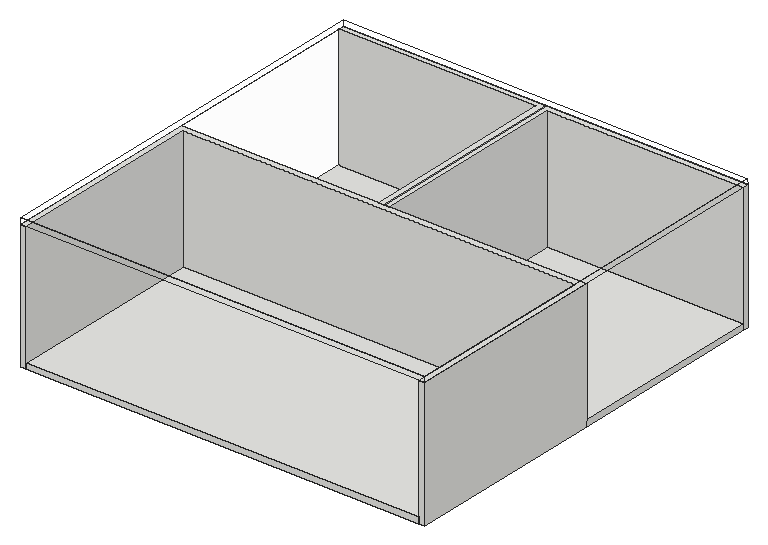
Revit family "Table-Coffee-Teknion-STLK_Masalla-R2013", category Furniture, Revit 2013
Parameters (values of type "3 Box Square")
  Width = 33.46457"
  Warranty = "http://www.teknionstudio.com/pdfs/Teknion%20Studio%20Warranty.pdf"
  Unit Weight = 0.00 lbf
  URL = "www.teknionstudio.com"
  Table Top Finish [instance] = Glass - Teknion - A5 - Standard - Clear
  Surface C Finish [instance] = Paint - Teknion - True White
  Surface B Finish [instance] = Paint - Teknion - True White
  Surface A Finish [instance] = Paint - Teknion - True White
  Series = "Studio"
  Product Line = "Masalla"
  Product Documentation Link = "http://www.teknionstudio.com/pricing/STLK_ppg.pdf"
  Part Number = "STLK"
  Model = "STLK"
  Manufacturer Phone = "919-464-2920"
  Manufacturer Fax = "919-464-2927"
  Manufacturer Email = "customersupport@teknionstudio.com"
  Manufacturer Address = "3941 US 70 Business HWY West, Clayton, NC 27520"
  Manufacturer = "Teknion Studio"
  Low Emitting Material = yes
  Low Emitting Finish = yes
  Height = 12.59843"
  Description = "Masalla Table, 3 Box Square"
  Depth = 33.46457"
  Assembly Code = "E2020200"
Reference planes (in)
  plane 1 "Center F/B": y = 0
  plane 2: z = 0
  plane 3 "Center L/R": x = 0
  plane 4 "Left": x = -16.73228
  plane 5 "Right": x = 16.73228
  plane 6 "Back": y = 16.73228
  plane 7 "Front": y = -16.73228
  plane 8 "Top": z = 12.59843
  plane 9: z = 1.5748
  plane 10: z = 12.12598
Forms (in)
  Sweep 1, solid, material "Paint - Teknion - Smoke"
    path origin (0, 0, 0) x (1, 0, 0) y (0, 0, 1)
      loop
        line (0, 0) -> (0, 1.5748)
    profile origin (0, 0, 0.7874) x (-1, 0, 0) y (0, -1, 0)
      loop
        line (14.37028, -14.37008) -> (14.37028, 14.37008) -> (-14.37028, 14.37008) -> (-14.37028, -14.37008) -> (14.37028, -14.37008)
      loop
        line (-13.89784, -13.89764) -> (13.89784, -13.89764) -> (13.89784, 13.89764) -> (-13.89784, 13.89764) -> (-13.89784, -13.89764)
  Sweep 2, solid, material "Paint - Teknion - Smoke"
    path origin (0, 0, 0) x (1, 0, 0) y (0, 0, 1)
      loop
        line (0, 1.5748) -> (0, 1.10236)
    profile origin (0, 0, 1.33858) x (0, -1, 0) y (1, 0, 0)
      loop
        line (-13.89764, -13.89728) -> (13.89764, -13.89728) -> (13.89764, 13.89728) -> (-13.89764, 13.89728) -> (-13.89764, -13.89728)
  Sweep 3, solid, material "Glass - Teknion - A5 - Standard - Clear" <- "Table Top Finish"
    path origin (0, 0, 0) x (1, 0, 0) y (0, 0, 1)
      loop
        line (0, 12.59843) -> (0, 12.12598)
    profile origin (0, 0, 12.3622) x (0, -1, 0) y (1, 0, 0)
      loop
        line (-16.73228, -16.73228) -> (16.73228, -16.73228) -> (16.73228, 16.73228) -> (-16.73228, 16.73228) -> (-16.73228, -16.73228)
  Sweep 4, solid, material "Paint - Teknion - True White" <- "Surface A Finish"
    path origin (0, 0, 0) x (1, 0, 0) y (0, 0, 1)
      loop
        line (0, 12.12598) -> (0, 1.5748)
    profile origin (0, 0, 6.85039) x (0, -1, 0) y (1, 0, 0)
      loop
        line (-16.26028, -16.73228) -> (-16.26028, -0.472) -> (0, -0.472) -> (0, 0) -> (-16.73228, 0) -> (-16.73228, -16.73228) -> (-16.26028, -16.73228)
  Sweep 5, solid, material "Paint - Teknion - True White" <- "Surface A Finish"
    path origin (0, 0, 0) x (-1, 0, 0) y (0, 0, 1)
      loop
        line (0, 1.5748) -> (0, 2.04724)
    profile origin (0, 0, 1.81102) x (-1, 0, 0) y (0, -1, 0)
      loop
        line (0.472, -16.26028) -> (16.73228, -16.26028) -> (16.73228, 0) -> (0.472, 0) -> (0.472, -16.26028)
  Sweep 6, solid, material "Paint - Teknion - True White" <- "Surface B Finish"
    path origin (0, 0, 0) x (1, 0, 0) y (0, 0, -1)
      loop
        line (0, -1.5748) -> (0, -2.04724)
    profile origin (0, 0, 1.81102) x (1, 0, 0) y (0, 1, 0)
      loop
        line (-16.25984, -16.73228) -> (16.25984, -16.73228) -> (16.25984, -0.472) -> (-16.25984, -0.472) -> (-16.25984, -16.73228)
  Sweep 7, solid, material "Paint - Teknion - True White" <- "Surface B Finish"
    path origin (0, 0, 0) x (1, 0, 0) y (0, 0, 1)
      loop
        line (0, 12.12598) -> (0, 1.5748)
    profile origin (0, 0, 6.85039) x (0, -1, 0) y (1, 0, 0)
      loop
        line (16.73228, 16.73228) -> (0, 16.73228) -> (0, -16.73228) -> (16.73228, -16.73228) -> (16.73228, -16.26028) -> (0.472, -16.26028) -> (0.472, 16.25984) -> (16.73228, 16.25984) -> (16.73228, 16.73228)
  Sweep 8, solid, material "Paint - Teknion - True White" <- "Surface C Finish"
    path origin (0, 0, 0) x (1, 0, 0) y (0, 0, 1)
      loop
        line (0, 12.12598) -> (0, 1.5748)
    profile origin (0, 0, 6.85039) x (0, -1, 0) y (1, 0, 0)
      loop
        line (-16.26028, 0.472) -> (-16.26028, 16.73228) -> (-16.73228, 16.73228) -> (-16.73228, 0) -> (0, 0) -> (0, 0.472) -> (-16.26028, 0.472)
  Sweep 9, solid, material "Paint - Teknion - True White" <- "Surface C Finish"
    path origin (0, 0, 0) x (1, 0, 0) y (0, 0, 1)
      loop
        line (0, 2.0468) -> (0, 1.5748)
    profile origin (0, 0, 1.8108) x (0, -1, 0) y (1, 0, 0)
      loop
        line (-16.26028, 0.472) -> (0, 0.472) -> (0, 16.73228) -> (-16.26028, 16.73228) -> (-16.26028, 0.472)
Lines and regions (in)
  Masking region 1
    outline origin (0, 0, 12.59843) x (-1, 0, 0) y (0, -1, 0)
      loop
        line (16.73228, -16.73228) -> (16.73228, 16.73228) -> (-16.73228, 16.73228) -> (-16.73228, -16.73228) -> (16.73228, -16.73228)
  symbolic lines, style "Hidden Lines", detail levels medium+fine
    curve 1: line (-16.73228, 0, 12.59843) -> (16.73228, 0, 12.59843)
    curve 8: line (0, 16.73228, 12.59843) -> (0, 0, 12.59843)
  symbolic lines, style "Hidden Lines", detail levels fine
    curve 2: line (0.472, 16.26028, 12.59843) -> (0.472, 0, 12.59843)
    curve 3: line (-0.472, 16.26028, 12.59843) -> (-0.472, 0, 12.59843)
    curve 4: line (-16.73228, 16.26028, 12.59843) -> (16.73228, 16.26028, 12.59843)
    curve 5: line (-16.25984, -0.472, 12.59843) -> (16.25984, -0.472, 12.59843)
    curve 6: line (-16.25984, 0, 12.59843) -> (-16.25984, -16.73228, 12.59843)
    curve 7: line (16.25984, 0, 12.59843) -> (16.25984, -16.73228, 12.59843)
Dimensions and locks (in)
  "Height": plane 8 "Top" to plane 2
  equal spacing: plane 4 "Left", plane 3 "Center L/R", plane 5 "Right"
  equal spacing: plane 6 "Back", plane 1 "Center F/B", plane 7 "Front"
  "Width": plane 4 "Left" to plane 5 "Right"
  "Depth": plane 6 "Back" to plane 7 "Front"
  locked: plane 8 "Top" to Sweep 3 sketch curve at 0.47244
  locked: plane 8 "Top" to plane 10 at 0.47244
  locked: plane 9 to plane 2 at 1.5748
  locked: plane 9 to Sweep 2 sketch curve at 0.47244
  locked: Sweep 5 sketch curve to plane 9 at 0.47244
  locked: Sweep 6 sketch curve to plane 9 at 0.47244
  locked: Sweep 1 sketch curve to Sweep 1 sketch curve at 0.47244  (x2)
  locked: plane 4 "Left" to Sweep 1 sketch curve at 2.362
  locked: Sweep 1 sketch curve to plane 5 "Right" at 2.362
  plane 6 "Back" to Sweep 1 sketch curve to Sweep 1 sketch curve = 2.3622" locked, 0.47244" locked
  plane 7 "Front" to Sweep 1 sketch curve to Sweep 1 sketch curve = 2.3622" locked, 0.47244" locked
  locked: plane 6 "Back" to Sweep 2 sketch curve at 2.83465
  locked: Sweep 2 sketch curve to plane 7 "Front" at 2.83465
  locked: Sweep 2 sketch curve to plane 5 "Right" at 2.835
  locked: plane 4 "Left" to Sweep 2 sketch curve at 2.835
  locked: plane 4 "Left" to Sweep 7 sketch curve at 0.472
  locked: Sweep 7 sketch curve to plane 5 "Right" at 0.47244
  locked: Sweep 7 sketch curve to plane 1 "Center F/B" at 0.472
  locked: Sweep 6 sketch curve to plane 1 "Center F/B" at 0.472
  locked: plane 4 "Left" to Sweep 6 sketch curve at 0.47244
  locked: Sweep 6 sketch curve to plane 5 "Right" at 0.47244
  Sweep 3 to Sweep 7 to plane 1 "Center F/B" = 16.26028", 0.472" locked
  locked: Sweep 4 sketch curve to Sweep 4 sketch curve at 0.472
  plane 6 "Back" to Sweep 4 sketch curve = 0.472"
  locked: Sweep 5 sketch curve to plane 3 "Center L/R" at 0.472
  locked: plane 6 "Back" to Sweep 5 sketch curve at 0.472
  locked: plane 6 "Back" to Sweep 8 sketch curve at 0.472
  locked: plane 3 "Center L/R" to Sweep 8 sketch curve at 0.472
  locked: Sweep 9 sketch curve to plane 9 at 0.472
  locked: plane 6 "Back" to Sweep 9 sketch curve at 0.472
  locked: plane 3 "Center L/R" to Sweep 9 sketch curve at 0.472
  locked: plane 4 "Left" to curve 6 at 0.47244
  locked: curve 7 to plane 5 "Right" at 0.47244
  locked: curve 5 to plane 1 "Center F/B" at 0.472
  locked: plane 6 "Back" to curve 4 at 0.472
  locked: curve 3 to plane 3 "Center L/R" at 0.472
  locked: plane 3 "Center L/R" to curve 2 at 0.472
  aligned and locked: level to plane 2
  aligned and locked: plane 3 "Center L/R" to Sweep 1 sketch curve
  aligned and locked: plane 2 to Sweep 1 sketch curve
  aligned and locked: Sweep 2 sketch curve to plane 3 "Center L/R"
  aligned and locked: Sweep 3 sketch curve to plane 3 "Center L/R"
  aligned and locked: plane 8 "Top" to Sweep 3 sketch curve
  aligned and locked: Sweep 3 sketch curve to plane 6 "Back"
  aligned and locked: plane 9 to Sweep 1 sketch curve
  aligned and locked: plane 9 to Sweep 2 sketch curve
  aligned and locked: plane 10 to Sweep 4 sketch curve
  aligned and locked: Sweep 4 sketch curve to plane 3 "Center L/R"
  aligned and locked: plane 9 to Sweep 4 sketch curve
  aligned and locked: Sweep 4 sketch curve to plane 4 "Left"
  aligned and locked: Sweep 4 sketch curve to plane 1 "Center F/B"
  aligned and locked: plane 9 to Sweep 5 sketch curve
  aligned and locked: plane 7 "Front" to Sweep 6 sketch curve
  aligned and locked: plane 9 to Sweep 6 sketch curve
  aligned and locked: Masking region 1 sketch curve to plane 6 "Back"
  aligned and locked: Masking region 1 sketch curve to plane 5 "Right"
  aligned and locked: Masking region 1 sketch curve to plane 7 "Front"
  aligned and locked: plane 4 "Left" to Masking region 1 sketch curve
  aligned and locked: Sweep 7 sketch curve to plane 3 "Center L/R"
  aligned and locked: plane 10 to Sweep 7 sketch curve
  aligned and locked: plane 9 to Sweep 7 sketch curve
  aligned and locked: plane 1 "Center F/B" to Sweep 7 sketch curve
  aligned and locked: plane 4 "Left" to Sweep 7 sketch curve
  aligned and locked: plane 5 "Right" to Sweep 7 sketch curve
  aligned and locked: Sweep 7 sketch curve to plane 7 "Front"  (x2)
  aligned and locked: plane 7 "Front" to curve 6
  aligned and locked: plane 7 "Front" to curve 7
  aligned and locked: plane 4 "Left" to Sweep 3 sketch curve
  aligned and locked: Sweep 3 sketch curve to plane 5 "Right"
  aligned and locked: Sweep 3 sketch curve to plane 7 "Front"
  aligned and locked: Sweep 5 sketch curve to plane 4 "Left"
  aligned and locked: plane 1 "Center F/B" to Sweep 5 sketch curve
  aligned and locked: plane 10 to Sweep 8 sketch curve
  aligned and locked: plane 9 to Sweep 8 sketch curve
  aligned and locked: Sweep 8 sketch curve to plane 3 "Center L/R"  (x2)
  aligned and locked: plane 6 "Back" to Sweep 8 sketch curve
  aligned and locked: plane 5 "Right" to Sweep 8 sketch curve
  aligned and locked: plane 1 "Center F/B" to Sweep 8 sketch curve
  aligned and locked: plane 9 to Sweep 9 sketch curve
  aligned and locked: Sweep 9 sketch curve to plane 3 "Center L/R"
  aligned and locked: Sweep 9 sketch curve to plane 1 "Center F/B"
  aligned and locked: Sweep 9 sketch curve to plane 5 "Right"
  aligned and locked: plane 5 "Right" to curve 4
  aligned and locked: plane 4 "Left" to curve 4
  aligned and locked: plane 1 "Center F/B" to curve 7
  aligned and locked: curve 4 to curve 3
  aligned and locked: plane 1 "Center F/B" to curve 8
  aligned and locked: plane 6 "Back" to curve 8
  aligned and locked: curve 8 to plane 3 "Center L/R"
Automatic sketch dimensions
  Sweep 5 sketch curve to plane 3 "Center L/R" = 0.000"
  Sweep 6 sketch curve to plane 3 "Center L/R" = 0.000"
  Sweep 4 sketch curve to profile plane = 0.000"
  Sweep 4 sketch curve to plane 1 "Center F/B" = 16.73228"
  curve 1 to plane 5 "Right" = 0.000"
  curve 1 to plane 4 "Left" = 0.000"
